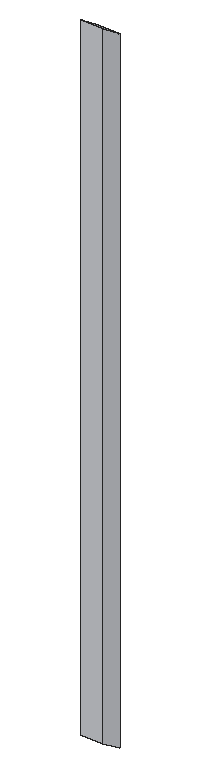
Revit family "난간동자 - 정사각형", category 난간동자, Revit 2026
Family settings
  항상 수직 = 예
  로드될 때 보이드를 사용하여 절단 = 아니오
  공유 = 아니오
Parameters (values of type "25mm")
  built-in parameter 1008623 [instance] = 32.47°
  built-in parameter 1008625 [instance] = (empty or 0)
  Post = no
  built-in parameter 1008624 [instance] = 32.47°
  폭 = 25 mm
  난간동자 재료 = none
  built-in parameter 1008622 [instance] = 750 mm
Types (3, lengths in mm): name | 폭
  (no name) | 25
  25mm | 25
  20mm | 20
Reference planes
  plane 1 "중심(앞/뒤)": y = 0
  plane 2: z = 0
  plane 3 "중심(왼쪽/오른쪽)": x = 0
  plane 4 "상단": z = 750
  plane 5 "상단 절단 각도": through (0, 339.699, 533.838) normal (0, -0.5369, -0.8437)
  plane 6: z = 850
  plane 7: x = -25
  plane 8: x = 25
  plane 9: y = 25
  plane 10: y = -25
  plane 11 "하단 절단 각도": through (0, 0, 0) normal (0, -0.5369, -0.8437)
  plane 12: z = -100
Forms (mm)
  Extrusion 1, solid, material <- "난간동자 재료"
    sketch origin (0, 0, 0) x (1, 0, 0) y (0, 1, 0)
      loop
        line (-12.5, 12.5) -> (-12.5, -12.5) -> (12.5, -12.5) -> (12.5, 12.5) -> (-12.5, 12.5)
    from -100 to 850
  Extrusion 2, void
    sketch origin (0, 0, 0) x (0, 1, 0) y (0, 0, 1)
      loop
        line (-25, 850) -> (-25, 765.908) -> (25, 734.092) -> (25, 850) -> (-25, 850)
      loop
        line (-25, -100) -> (25, -100) -> (25, -15.908) -> (-25, 15.908) -> (-25, -100)
    from -25 to 25
Cuts and joins
  Extrusion 2 cuts Extrusion 1
Dimensions and locks
  "built-in parameter 1008622": plane 2 to plane 4 "상단"
  locked: plane 4 "상단" to plane 6 at 100
  equal spacing: Extrusion 1 sketch curve, plane 3 "중심(왼쪽/오른쪽)", Extrusion 1 sketch curve
  equal spacing: Extrusion 1 sketch curve, plane 1 "중심(앞/뒤)", Extrusion 1 sketch curve
  "폭": Extrusion 1 sketch curve to Extrusion 1 sketch curve  (x2)
  "폭": plane 7 to plane 3 "중심(왼쪽/오른쪽)"
  "폭": plane 3 "중심(왼쪽/오른쪽)" to plane 8
  "폭": plane 10 to plane 1 "중심(앞/뒤)"
  "폭": plane 1 "중심(앞/뒤)" to plane 9
  locked: level to plane 12 at 100
  "built-in parameter 1008623": angle plane 4 "상단" to plane 5 "상단 절단 각도"
  "built-in parameter 1008624": angle level to plane 11 "하단 절단 각도"
  aligned and locked: Extrusion 1 to plane 6
  aligned and locked: Extrusion 2 to plane 7
  aligned and locked: plane 8 to Extrusion 2
  aligned and locked: plane 6 to Extrusion 2 sketch curve
  aligned and locked: plane 9 to Extrusion 2 sketch curve
  aligned and locked: plane 10 to Extrusion 2 sketch curve  (x2)
  aligned and locked: Extrusion 2 sketch curve to plane 5 "상단 절단 각도"
  aligned and locked: plane 12 to Extrusion 1
  aligned and locked: plane 12 to Extrusion 2 sketch curve
  aligned and locked: Extrusion 2 sketch curve to plane 9
  aligned and locked: Extrusion 2 sketch curve to plane 11 "하단 절단 각도"
